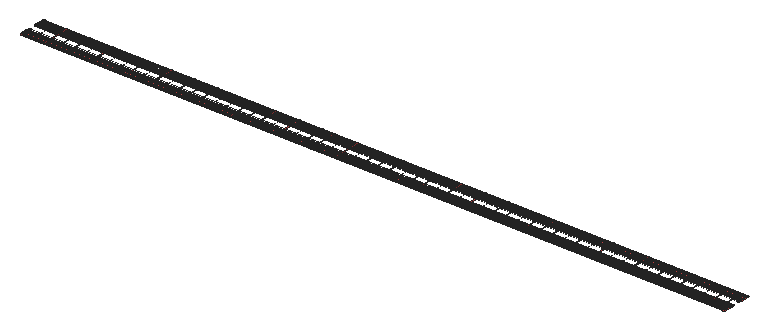
Revit family "Murfor Compact I-80 Masonry Reinforcement", category Specialty Equipment, Revit 2018
Family settings
  Round Connector Dimension = Use Diameter
  Part Type = Normal
  Work Plane-Based = No
  Always vertical = Yes
  Cut with Voids When Loaded = No
  Shared = No
  Room Calculation Point = No
Parameters (values of type "Murfor Compact I-80")
  Z = 81.50 mm
  Youngs Modulus - Gpa = 180
  Yield Strength - Mpa = 1770
  Y [instance] = X / 2  # 30
  X [instance] = Length L / Step c - 1  # 60
  Width - w = 80.00 mm
  Weight kg/ roll = "1.40kg per roll"
  URL = "https://www.bekaert.com/en/"
  Type Image = Murfor Compact I-80.PNG
  Type Comments = "A mesh consisting of 14 steel chords"
  Thickness - e = 1.80 mm
  Strain Agt = 2.2
  Step c = 33.00 mm
  Steel Section Total = 9.66 mm
  Pitch (short) - a = 5.00 mm
  Pitch (long) - b = 20.00 mm
  Material Coating Reference EN845-3 = "R20"
  Material = Murfor Galvanized Steel
  Manufacturer = "Bekaert"
  Longtidinal Cord = 0.69 mm
  Length L [instance] = 2000.00 mm
  Keynote = "Suitable for all mortar joints with thickness between 3mm & 12mm"
  Description = "Compact masonry reinforcement, steel chords on interwoven fibreglass roving"
  Datasheet = "https://www.bekaert.com/en/product-catalog/content/datasheets/Murfor-Compact"
  Application = "Murfor Compact I-80, made of Galvanized Steel, is suitable for masonry (clay bricks, concrete blocks) exposed to a dry environment (exposure class MX1, compliant with Eurocode 6?EN845-3)"
Reference planes
  plane 1 "Center (Front/Back)": y = 0
  plane 2: z = 0
  plane 3 "Center (Left/Right)": x = 0
  plane 4 "Center L/S": x = 2000
  plane 5 "Center L/T": y = 80
  plane 6 "Center L/U": y = 5
  plane 7 "Center L/V": y = 10
  plane 8 "Center L/X": y = 70
  plane 9 "Center L/Y": y = 75
  plane 10 "Center L/Z": y = -1.8
  plane 11 "Center L/AA": y = 81.8
  plane 12: z = 0.875
  plane 13 "Center L/BB": y = 15
  plane 14 "Center L/CC": y = 20
  plane 15 "Center L/DD": y = 25
  plane 16 "Center L/EE": y = 30
  plane 17 "Center L/FF": y = 60
  plane 18 "Center L/GG": y = 65
  plane 19 "Center L/HH": y = 50
  plane 20 "Center L/II": y = 55
Lines and regions (mm)
  symbolic lines, style "Masonry Reinforcement"
    curve 1: line (0, 81.8, 0) -> (2000, 81.8, 0)
    curve 2: line (0, -1.8, 0) -> (0, 81.8, 0)
    curve 3: line (2000, -1.8, 0) -> (0, -1.8, 0)
    curve 4: line (2000, 81.8, 0) -> (2000, -1.8, 0)
    curve 5: line (0, 70, 0) -> (2000, 70, 0)
    curve 6: line (0, 10, 0) -> (2000, 10, 0)
    curve 69: line (0, 20, 0) -> (2000, 20, 0)
    curve 70: line (0, 30, 0) -> (2000, 30, 0)
    curve 71: line (0, 60, 0) -> (2000, 60, 0)
    curve 72: line (0, 50, 0) -> (2000, 50, 0)
  symbolic lines
    curve 7: line (0, 0, 0) -> (33, 80.985, 0)
    curve 8: line (33, 80.985, 0) -> (66, -0.515, 0)
    curve 11: line (66, 0, 0) -> (99, 80.985, 0)
    curve 12: line (99, 80.985, 0) -> (132, -0.515, 0)
    curve 13: line (132, 0, 0) -> (165, 80.985, 0)
    curve 14: line (165, 80.985, 0) -> (198, -0.515, 0)
    curve 15: line (198, 0, 0) -> (231, 80.985, 0)
    curve 16: line (231, 80.985, 0) -> (264, -0.515, 0)
    curve 17: line (264, 0, 0) -> (297, 80.985, 0)
    curve 18: line (297, 80.985, 0) -> (330, -0.515, 0)
    curve 19: line (330, 0, 0) -> (363, 80.985, 0)
    curve 20: line (363, 80.985, 0) -> (396, -0.515, 0)
    curve 21: line (396, 0, 0) -> (429, 80.985, 0)
    curve 22: line (429, 80.985, 0) -> (462, -0.515, 0)
    curve 23: line (462, 0, 0) -> (495, 80.985, 0)
    curve 24: line (495, 80.985, 0) -> (528, -0.515, 0)
    curve 25: line (528, 0, 0) -> (561, 80.985, 0)
    curve 26: line (561, 80.985, 0) -> (594, -0.515, 0)
    curve 27: line (594, 0, 0) -> (627, 80.985, 0)
    curve 28: line (627, 80.985, 0) -> (660, -0.515, 0)
    curve 29: line (660, 0, 0) -> (693, 80.985, 0)
    curve 30: line (693, 80.985, 0) -> (726, -0.515, 0)
    curve 31: line (726, 0, 0) -> (759, 80.985, 0)
    curve 32: line (759, 80.985, 0) -> (792, -0.515, 0)
    curve 33: line (792, 0, 0) -> (825, 80.985, 0)
    curve 34: line (825, 80.985, 0) -> (858, -0.515, 0)
    curve 35: line (858, 0, 0) -> (891, 80.985, 0)
    curve 36: line (891, 80.985, 0) -> (924, -0.515, 0)
    curve 37: line (924, 0, 0) -> (957, 80.985, 0)
    curve 38: line (957, 80.985, 0) -> (990, -0.515, 0)
    curve 39: line (990, 0, 0) -> (1023, 80.985, 0)
    curve 40: line (1023, 80.985, 0) -> (1056, -0.515, 0)
    curve 41: line (1056, 0, 0) -> (1089, 80.985, 0)
    curve 42: line (1089, 80.985, 0) -> (1122, -0.515, 0)
    curve 43: line (1122, 0, 0) -> (1155, 80.985, 0)
    curve 44: line (1155, 80.985, 0) -> (1188, -0.515, 0)
    curve 45: line (1188, 0, 0) -> (1221, 80.985, 0)
    curve 46: line (1221, 80.985, 0) -> (1254, -0.515, 0)
    curve 47: line (1254, 0, 0) -> (1287, 80.985, 0)
    curve 48: line (1287, 80.985, 0) -> (1320, -0.515, 0)
    curve 49: line (1320, 0, 0) -> (1353, 80.985, 0)
    curve 50: line (1353, 80.985, 0) -> (1386, -0.515, 0)
    curve 51: line (1386, 0, 0) -> (1419, 80.985, 0)
    curve 52: line (1419, 80.985, 0) -> (1452, -0.515, 0)
    curve 53: line (1452, 0, 0) -> (1485, 80.985, 0)
    curve 54: line (1485, 80.985, 0) -> (1518, -0.515, 0)
    curve 55: line (1518, 0, 0) -> (1551, 80.985, 0)
    curve 56: line (1551, 80.985, 0) -> (1584, -0.515, 0)
    curve 57: line (1584, 0, 0) -> (1617, 80.985, 0)
    curve 58: line (1617, 80.985, 0) -> (1650, -0.515, 0)
    curve 59: line (1650, 0, 0) -> (1683, 80.985, 0)
    curve 60: line (1683, 80.985, 0) -> (1716, -0.515, 0)
    curve 61: line (1716, 0, 0) -> (1749, 80.985, 0)
    curve 62: line (1749, 80.985, 0) -> (1782, -0.515, 0)
    curve 63: line (1782, 0, 0) -> (1815, 80.985, 0)
    curve 64: line (1815, 80.985, 0) -> (1848, -0.515, 0)
    curve 65: line (1848, 0, 0) -> (1881, 80.985, 0)
    curve 66: line (1881, 80.985, 0) -> (1914, -0.515, 0)
    curve 67: line (1914, 0, 0) -> (1947, 80.985, 0)
    curve 68: line (1947, 80.985, 0) -> (1980, -0.515, 0)
  symbolic lines, not visible
    curve 9: line (0, 0, 0) -> (33, 80.985, 0)
    curve 10: line (33, 80.985, 0) -> (66, -0.515, 0)
Dimensions and locks
  "Length L": plane 3 "Center (Left/Right)" to plane 4 "Center L/S"
  "Width - w": plane 1 "Center (Front/Back)" to plane 5 "Center L/T"
  "Thickness - e": plane 5 "Center L/T" to plane 11 "Center L/AA"
  "Thickness - e": plane 10 "Center L/Z" to plane 1 "Center (Front/Back)"
  "Step c": plane 3 "Center (Left/Right)" to nested 7
  nested 7 to level = 0.00 mm
  equal spacing: group 1, group 3, group 4, group 5, group 6, group 7, group 8, group 9, group 10, group 11, group 12, group 13, group 14, group 15, group 16, group 17, group 18, group 19, group 20, group 21, group 22, group 23, group 24, group 25, group 26, group 27, group 28, group 29, group 30, group 31  (x3)
  equal spacing: group 32, group 33, group 34, group 35, group 36, group 37, group 38, group 39, group 40, group 41, group 42, group 43, group 44, group 45, group 46, group 47, group 48, group 49, group 50, group 51, group 52, group 53, group 54, group 55, group 56, group 57, group 58, group 59, group 60, group 61, group 62, group 63, group 64, group 65, group 66, group 67, group 68, group 69, group 70, group 71, group 72, group 73, group 74, group 75, group 76, group 77, group 78, group 79, group 80, group 81, group 82, group 83, group 84, group 85, group 86, group 87, group 88, group 89, group 90, group 91  (x3)
  "Pitch (short) - a": plane 1 "Center (Front/Back)" to plane 6 "Center L/U"
  "Pitch (short) - a": plane 6 "Center L/U" to plane 7 "Center L/V"
  "Pitch (short) - a": plane 7 "Center L/V" to plane 13 "Center L/BB"
  "Pitch (short) - a": plane 13 "Center L/BB" to plane 14 "Center L/CC"
  "Pitch (short) - a": plane 14 "Center L/CC" to plane 15 "Center L/DD"
  "Pitch (short) - a": plane 15 "Center L/DD" to plane 16 "Center L/EE"
  "Pitch (short) - a": plane 9 "Center L/Y" to plane 5 "Center L/T"
  "Pitch (short) - a": plane 8 "Center L/X" to plane 9 "Center L/Y"
  "Pitch (short) - a": plane 18 "Center L/GG" to plane 8 "Center L/X"
  "Pitch (short) - a": plane 17 "Center L/FF" to plane 18 "Center L/GG"
  "Pitch (short) - a": plane 19 "Center L/HH" to plane 20 "Center L/II"
  plane 16 "Center L/EE" to plane 19 "Center L/HH" = 20.00 mm
  "Pitch (short) - a": plane 20 "Center L/II" to plane 17 "Center L/FF"
  aligned and locked: level to plane 2
  aligned and locked: plane 1 "Center (Front/Back)" to nested 1
  aligned and locked: plane 3 "Center (Left/Right)" to nested 1
  aligned and locked: plane 5 "Center L/T" to nested 5
  aligned and locked: plane 3 "Center (Left/Right)" to nested 5
  aligned and locked: plane 3 "Center (Left/Right)" to nested 4
  aligned and locked: plane 3 "Center (Left/Right)" to nested 6
  aligned and locked: plane 3 "Center (Left/Right)" to nested 3
  aligned and locked: plane 3 "Center (Left/Right)" to nested 2
  aligned and locked: nested 1 to plane 3 "Center (Left/Right)"
  aligned and locked: plane 6 "Center L/U" to nested 2
  aligned and locked: plane 7 "Center L/V" to nested 3
  aligned and locked: plane 8 "Center L/X" to nested 6
  aligned and locked: plane 9 "Center L/Y" to nested 4
  aligned and locked: plane 4 "Center L/S" to nested 5
  aligned and locked: plane 4 "Center L/S" to nested 4
  aligned and locked: plane 4 "Center L/S" to nested 6
  aligned and locked: plane 4 "Center L/S" to nested 3
  aligned and locked: plane 4 "Center L/S" to nested 1
  aligned and locked: plane 4 "Center L/S" to nested 2
  aligned and locked: plane 11 "Center L/AA" to curve 1
  aligned and locked: plane 3 "Center (Left/Right)" to curve 2
  aligned and locked: curve 3 to plane 10 "Center L/Z"
  aligned and locked: curve 2 to curve 6
  aligned and locked: plane 4 "Center L/S" to curve 6
  aligned and locked: plane 13 "Center L/BB" to nested 67
  aligned and locked: plane 14 "Center L/CC" to nested 68
  aligned and locked: plane 15 "Center L/DD" to nested 69
  aligned and locked: plane 16 "Center L/EE" to nested 70
  aligned and locked: plane 17 "Center L/FF" to nested 72
  aligned and locked: plane 18 "Center L/GG" to nested 71
  aligned and locked: plane 19 "Center L/HH" to nested 74
  aligned and locked: plane 20 "Center L/II" to nested 73
Automatic sketch dimensions
  plane 7 "Center L/V" to curve 6 = 0.00 mm
  plane 14 "Center L/CC" to curve 69 = 0.00 mm
  plane 16 "Center L/EE" to curve 70 = 0.00 mm
  plane 19 "Center L/HH" to curve 72 = 0.00 mm
  plane 17 "Center L/FF" to curve 71 = 0.00 mm
  plane 8 "Center L/X" to curve 5 = 0.00 mm
  curve 7 to curve 8 = 33.00 mm
  curve 7 to curve 8 = 66.00 mm
  curve 8 to curve 7 = 0.515 mm
  curve 7 to curve 8 = 80.985 mm
  curve 9 to curve 10 = 33.00 mm
  curve 9 to curve 10 = 66.00 mm
  curve 10 to curve 9 = 0.515 mm
  curve 9 to curve 10 = 80.985 mm
  curve 11 to curve 12 = 33.00 mm
  curve 11 to curve 12 = 66.00 mm
  curve 12 to curve 11 = 0.515 mm
  curve 11 to curve 12 = 80.985 mm
  curve 13 to curve 14 = 33.00 mm
  curve 13 to curve 14 = 66.00 mm
  curve 14 to curve 13 = 0.515 mm
  curve 13 to curve 14 = 80.985 mm
  curve 15 to curve 16 = 33.00 mm
  curve 15 to curve 16 = 66.00 mm
  curve 16 to curve 15 = 0.515 mm
  curve 15 to curve 16 = 80.985 mm
  curve 17 to curve 18 = 33.00 mm
  curve 17 to curve 18 = 66.00 mm
  curve 18 to curve 17 = 0.515 mm
  curve 17 to curve 18 = 80.985 mm
  curve 19 to curve 20 = 33.00 mm
  curve 19 to curve 20 = 66.00 mm
  curve 20 to curve 19 = 0.515 mm
  curve 19 to curve 20 = 80.985 mm
  curve 21 to curve 22 = 33.00 mm
  curve 21 to curve 22 = 66.00 mm
  curve 22 to curve 21 = 0.515 mm
  curve 21 to curve 22 = 80.985 mm
  curve 23 to curve 24 = 33.00 mm
  curve 23 to curve 24 = 66.00 mm
  curve 24 to curve 23 = 0.515 mm
  curve 23 to curve 24 = 80.985 mm
  curve 25 to curve 26 = 33.00 mm
  curve 25 to curve 26 = 66.00 mm
  curve 26 to curve 25 = 0.515 mm
  curve 25 to curve 26 = 80.985 mm
  curve 27 to curve 28 = 33.00 mm
  curve 27 to curve 28 = 66.00 mm
  curve 28 to curve 27 = 0.515 mm
  curve 27 to curve 28 = 80.985 mm
  curve 29 to curve 30 = 33.00 mm
  curve 29 to curve 30 = 66.00 mm
  curve 30 to curve 29 = 0.515 mm
  curve 29 to curve 30 = 80.985 mm
  curve 31 to curve 32 = 33.00 mm
  curve 31 to curve 32 = 66.00 mm
  curve 32 to curve 31 = 0.515 mm
  curve 31 to curve 32 = 80.985 mm
  curve 33 to curve 34 = 33.00 mm
  curve 33 to curve 34 = 66.00 mm
  curve 34 to curve 33 = 0.515 mm
  curve 33 to curve 34 = 80.985 mm
  curve 35 to curve 36 = 33.00 mm
  curve 35 to curve 36 = 66.00 mm
  curve 36 to curve 35 = 0.515 mm
  curve 35 to curve 36 = 80.985 mm
  curve 37 to curve 38 = 33.00 mm
  curve 37 to curve 38 = 66.00 mm
  curve 38 to curve 37 = 0.515 mm
  curve 37 to curve 38 = 80.985 mm
  curve 39 to curve 40 = 33.00 mm
  curve 39 to curve 40 = 66.00 mm
  curve 40 to curve 39 = 0.515 mm
  curve 39 to curve 40 = 80.985 mm
  curve 41 to curve 42 = 33.00 mm
  curve 41 to curve 42 = 66.00 mm
  curve 42 to curve 41 = 0.515 mm
  curve 41 to curve 42 = 80.985 mm
  curve 43 to curve 44 = 33.00 mm
  curve 43 to curve 44 = 66.00 mm
  curve 44 to curve 43 = 0.515 mm
  curve 43 to curve 44 = 80.985 mm
  curve 45 to curve 46 = 33.00 mm
  curve 45 to curve 46 = 66.00 mm
  curve 46 to curve 45 = 0.515 mm
  curve 45 to curve 46 = 80.985 mm
  curve 47 to curve 48 = 33.00 mm
  curve 47 to curve 48 = 66.00 mm
  curve 48 to curve 47 = 0.515 mm
  curve 47 to curve 48 = 80.985 mm
  curve 49 to curve 50 = 33.00 mm
  curve 49 to curve 50 = 66.00 mm
  curve 50 to curve 49 = 0.515 mm
  curve 49 to curve 50 = 80.985 mm
  curve 51 to curve 52 = 33.00 mm
  curve 51 to curve 52 = 66.00 mm
  curve 52 to curve 51 = 0.515 mm
  curve 51 to curve 52 = 80.985 mm
  curve 53 to curve 54 = 33.00 mm
  curve 53 to curve 54 = 66.00 mm
  curve 54 to curve 53 = 0.515 mm
  curve 53 to curve 54 = 80.985 mm
  curve 55 to curve 56 = 33.00 mm
  curve 55 to curve 56 = 66.00 mm
  curve 56 to curve 55 = 0.515 mm
  curve 55 to curve 56 = 80.985 mm
  curve 57 to curve 58 = 33.00 mm
  curve 57 to curve 58 = 66.00 mm
  curve 58 to curve 57 = 0.515 mm
  curve 57 to curve 58 = 80.985 mm
  curve 59 to curve 60 = 33.00 mm
  curve 59 to curve 60 = 66.00 mm
  curve 60 to curve 59 = 0.515 mm
  curve 59 to curve 60 = 80.985 mm
  curve 61 to curve 62 = 33.00 mm
  curve 61 to curve 62 = 66.00 mm
  curve 62 to curve 61 = 0.515 mm
  curve 61 to curve 62 = 80.985 mm
  curve 63 to curve 64 = 33.00 mm
  curve 63 to curve 64 = 66.00 mm
  curve 64 to curve 63 = 0.515 mm
  curve 63 to curve 64 = 80.985 mm
  curve 65 to curve 66 = 33.00 mm
  curve 65 to curve 66 = 66.00 mm
  curve 66 to curve 65 = 0.515 mm
  curve 65 to curve 66 = 80.985 mm
  curve 67 to curve 68 = 33.00 mm
  curve 67 to curve 68 = 66.00 mm
  curve 68 to curve 67 = 0.515 mm
  curve 67 to curve 68 = 80.985 mm
Nested families
  nested 1: "Murfor Cord Section" at (0, 0, 0), Material <- "Material", type "Murfor Cord Section"
    with Material Murfor Galvanized Steel, Length 2000.00 mm
  nested 2: "Murfor Cord Section" at (0, 5, 0), Material <- "Material", type "Murfor Cord Section"
    with Material Murfor Galvanized Steel, Length 2000.00 mm
  nested 3: "Murfor Cord Section" at (0, 10, 0), Material <- "Material", type "Murfor Cord Section"
    with Material Murfor Galvanized Steel, Length 2000.00 mm
  nested 4: "Murfor Cord Section" at (0, 75, 0), Material <- "Material", type "Murfor Cord Section"
    with Material Murfor Galvanized Steel, Length 2000.00 mm
  nested 5: "Murfor Cord Section" at (0, 80, 0), Material <- "Material", type "Murfor Cord Section"
    with Material Murfor Galvanized Steel, Length 2000.00 mm
  nested 6: "Murfor Cord Section" at (0, 70, 0), Material <- "Material", type "Murfor Cord Section"
    with Material Murfor Galvanized Steel, Length 2000.00 mm
  nested 7: "Murfor Cord Section" at (33, -0.515, 0) x (0, 1, 0) z (0, 0, 1), Length <- "Z", type "Murfor Cord Cross Section"
    with Material Murfor Galvanized Steel, Length 81.50 mm
  nested 8: "Murfor Cord Section" at (66, -0.515, 0) x (0, 1, 0) z (0, 0, 1), Length <- "Z", type "Murfor Cord Cross Section"
    with Material Murfor Galvanized Steel, Length 81.50 mm
  nested 9: "Murfor Cord Section" at (99, -0.515, 0) x (0, 1, 0) z (0, 0, 1), Length <- "Z", type "Murfor Cord Cross Section"
    with Material Murfor Galvanized Steel, Length 81.50 mm
  nested 10: "Murfor Cord Section" at (132, -0.515, 0) x (0, 1, 0) z (0, 0, 1), Length <- "Z", type "Murfor Cord Cross Section"
    with Material Murfor Galvanized Steel, Length 81.50 mm
  nested 11: "Murfor Cord Section" at (165, -0.515, 0) x (0, 1, 0) z (0, 0, 1), Length <- "Z", type "Murfor Cord Cross Section"
    with Material Murfor Galvanized Steel, Length 81.50 mm
  nested 12: "Murfor Cord Section" at (198, -0.515, 0) x (0, 1, 0) z (0, 0, 1), Length <- "Z", type "Murfor Cord Cross Section"
    with Material Murfor Galvanized Steel, Length 81.50 mm
  nested 13: "Murfor Cord Section" at (231, -0.515, 0) x (0, 1, 0) z (0, 0, 1), Length <- "Z", type "Murfor Cord Cross Section"
    with Material Murfor Galvanized Steel, Length 81.50 mm
  nested 14: "Murfor Cord Section" at (264, -0.515, 0) x (0, 1, 0) z (0, 0, 1), Length <- "Z", type "Murfor Cord Cross Section"
    with Material Murfor Galvanized Steel, Length 81.50 mm
  nested 15: "Murfor Cord Section" at (297, -0.515, 0) x (0, 1, 0) z (0, 0, 1), Length <- "Z", type "Murfor Cord Cross Section"
    with Material Murfor Galvanized Steel, Length 81.50 mm
  nested 16: "Murfor Cord Section" at (330, -0.515, 0) x (0, 1, 0) z (0, 0, 1), Length <- "Z", type "Murfor Cord Cross Section"
    with Material Murfor Galvanized Steel, Length 81.50 mm
  nested 17: "Murfor Cord Section" at (363, -0.515, 0) x (0, 1, 0) z (0, 0, 1), Length <- "Z", type "Murfor Cord Cross Section"
    with Material Murfor Galvanized Steel, Length 81.50 mm
  nested 18: "Murfor Cord Section" at (396, -0.515, 0) x (0, 1, 0) z (0, 0, 1), Length <- "Z", type "Murfor Cord Cross Section"
    with Material Murfor Galvanized Steel, Length 81.50 mm
  nested 19: "Murfor Cord Section" at (429, -0.515, 0) x (0, 1, 0) z (0, 0, 1), Length <- "Z", type "Murfor Cord Cross Section"
    with Material Murfor Galvanized Steel, Length 81.50 mm
  nested 20: "Murfor Cord Section" at (462, -0.515, 0) x (0, 1, 0) z (0, 0, 1), Length <- "Z", type "Murfor Cord Cross Section"
    with Material Murfor Galvanized Steel, Length 81.50 mm
  nested 21: "Murfor Cord Section" at (495, -0.515, 0) x (0, 1, 0) z (0, 0, 1), Length <- "Z", type "Murfor Cord Cross Section"
    with Material Murfor Galvanized Steel, Length 81.50 mm
  nested 22: "Murfor Cord Section" at (528, -0.515, 0) x (0, 1, 0) z (0, 0, 1), Length <- "Z", type "Murfor Cord Cross Section"
    with Material Murfor Galvanized Steel, Length 81.50 mm
  nested 23: "Murfor Cord Section" at (561, -0.515, 0) x (0, 1, 0) z (0, 0, 1), Length <- "Z", type "Murfor Cord Cross Section"
    with Material Murfor Galvanized Steel, Length 81.50 mm
  nested 24: "Murfor Cord Section" at (594, -0.515, 0) x (0, 1, 0) z (0, 0, 1), Length <- "Z", type "Murfor Cord Cross Section"
    with Material Murfor Galvanized Steel, Length 81.50 mm
  nested 25: "Murfor Cord Section" at (627, -0.515, 0) x (0, 1, 0) z (0, 0, 1), Length <- "Z", type "Murfor Cord Cross Section"
    with Material Murfor Galvanized Steel, Length 81.50 mm
  nested 26: "Murfor Cord Section" at (660, -0.515, 0) x (0, 1, 0) z (0, 0, 1), Length <- "Z", type "Murfor Cord Cross Section"
    with Material Murfor Galvanized Steel, Length 81.50 mm
  nested 27: "Murfor Cord Section" at (693, -0.515, 0) x (0, 1, 0) z (0, 0, 1), Length <- "Z", type "Murfor Cord Cross Section"
    with Material Murfor Galvanized Steel, Length 81.50 mm
  nested 28: "Murfor Cord Section" at (726, -0.515, 0) x (0, 1, 0) z (0, 0, 1), Length <- "Z", type "Murfor Cord Cross Section"
    with Material Murfor Galvanized Steel, Length 81.50 mm
  nested 29: "Murfor Cord Section" at (759, -0.515, 0) x (0, 1, 0) z (0, 0, 1), Length <- "Z", type "Murfor Cord Cross Section"
    with Material Murfor Galvanized Steel, Length 81.50 mm
  nested 30: "Murfor Cord Section" at (792, -0.515, 0) x (0, 1, 0) z (0, 0, 1), Length <- "Z", type "Murfor Cord Cross Section"
    with Material Murfor Galvanized Steel, Length 81.50 mm
  nested 31: "Murfor Cord Section" at (825, -0.515, 0) x (0, 1, 0) z (0, 0, 1), Length <- "Z", type "Murfor Cord Cross Section"
    with Material Murfor Galvanized Steel, Length 81.50 mm
  nested 32: "Murfor Cord Section" at (858, -0.515, 0) x (0, 1, 0) z (0, 0, 1), Length <- "Z", type "Murfor Cord Cross Section"
    with Material Murfor Galvanized Steel, Length 81.50 mm
  nested 33: "Murfor Cord Section" at (891, -0.515, 0) x (0, 1, 0) z (0, 0, 1), Length <- "Z", type "Murfor Cord Cross Section"
    with Material Murfor Galvanized Steel, Length 81.50 mm
  nested 34: "Murfor Cord Section" at (924, -0.515, 0) x (0, 1, 0) z (0, 0, 1), Length <- "Z", type "Murfor Cord Cross Section"
    with Material Murfor Galvanized Steel, Length 81.50 mm
  nested 35: "Murfor Cord Section" at (957, -0.515, 0) x (0, 1, 0) z (0, 0, 1), Length <- "Z", type "Murfor Cord Cross Section"
    with Material Murfor Galvanized Steel, Length 81.50 mm
  nested 36: "Murfor Cord Section" at (990, -0.515, 0) x (0, 1, 0) z (0, 0, 1), Length <- "Z", type "Murfor Cord Cross Section"
    with Material Murfor Galvanized Steel, Length 81.50 mm
  nested 37: "Murfor Cord Section" at (1023, -0.515, 0) x (0, 1, 0) z (0, 0, 1), Length <- "Z", type "Murfor Cord Cross Section"
    with Material Murfor Galvanized Steel, Length 81.50 mm
  nested 38: "Murfor Cord Section" at (1056, -0.515, 0) x (0, 1, 0) z (0, 0, 1), Length <- "Z", type "Murfor Cord Cross Section"
    with Material Murfor Galvanized Steel, Length 81.50 mm
  nested 39: "Murfor Cord Section" at (1089, -0.515, 0) x (0, 1, 0) z (0, 0, 1), Length <- "Z", type "Murfor Cord Cross Section"
    with Material Murfor Galvanized Steel, Length 81.50 mm
  nested 40: "Murfor Cord Section" at (1122, -0.515, 0) x (0, 1, 0) z (0, 0, 1), Length <- "Z", type "Murfor Cord Cross Section"
    with Material Murfor Galvanized Steel, Length 81.50 mm
  nested 41: "Murfor Cord Section" at (1155, -0.515, 0) x (0, 1, 0) z (0, 0, 1), Length <- "Z", type "Murfor Cord Cross Section"
    with Material Murfor Galvanized Steel, Length 81.50 mm
  nested 42: "Murfor Cord Section" at (1188, -0.515, 0) x (0, 1, 0) z (0, 0, 1), Length <- "Z", type "Murfor Cord Cross Section"
    with Material Murfor Galvanized Steel, Length 81.50 mm
  nested 43: "Murfor Cord Section" at (1221, -0.515, 0) x (0, 1, 0) z (0, 0, 1), Length <- "Z", type "Murfor Cord Cross Section"
    with Material Murfor Galvanized Steel, Length 81.50 mm
  nested 44: "Murfor Cord Section" at (1254, -0.515, 0) x (0, 1, 0) z (0, 0, 1), Length <- "Z", type "Murfor Cord Cross Section"
    with Material Murfor Galvanized Steel, Length 81.50 mm
  nested 45: "Murfor Cord Section" at (1287, -0.515, 0) x (0, 1, 0) z (0, 0, 1), Length <- "Z", type "Murfor Cord Cross Section"
    with Material Murfor Galvanized Steel, Length 81.50 mm
  nested 46: "Murfor Cord Section" at (1320, -0.515, 0) x (0, 1, 0) z (0, 0, 1), Length <- "Z", type "Murfor Cord Cross Section"
    with Material Murfor Galvanized Steel, Length 81.50 mm
  nested 47: "Murfor Cord Section" at (1353, -0.515, 0) x (0, 1, 0) z (0, 0, 1), Length <- "Z", type "Murfor Cord Cross Section"
    with Material Murfor Galvanized Steel, Length 81.50 mm
  nested 48: "Murfor Cord Section" at (1386, -0.515, 0) x (0, 1, 0) z (0, 0, 1), Length <- "Z", type "Murfor Cord Cross Section"
    with Material Murfor Galvanized Steel, Length 81.50 mm
  nested 49: "Murfor Cord Section" at (1419, -0.515, 0) x (0, 1, 0) z (0, 0, 1), Length <- "Z", type "Murfor Cord Cross Section"
    with Material Murfor Galvanized Steel, Length 81.50 mm
  nested 50: "Murfor Cord Section" at (1452, -0.515, 0) x (0, 1, 0) z (0, 0, 1), Length <- "Z", type "Murfor Cord Cross Section"
    with Material Murfor Galvanized Steel, Length 81.50 mm
  nested 51: "Murfor Cord Section" at (1485, -0.515, 0) x (0, 1, 0) z (0, 0, 1), Length <- "Z", type "Murfor Cord Cross Section"
    with Material Murfor Galvanized Steel, Length 81.50 mm
  nested 52: "Murfor Cord Section" at (1518, -0.515, 0) x (0, 1, 0) z (0, 0, 1), Length <- "Z", type "Murfor Cord Cross Section"
    with Material Murfor Galvanized Steel, Length 81.50 mm
  nested 53: "Murfor Cord Section" at (1551, -0.515, 0) x (0, 1, 0) z (0, 0, 1), Length <- "Z", type "Murfor Cord Cross Section"
    with Material Murfor Galvanized Steel, Length 81.50 mm
  nested 54: "Murfor Cord Section" at (1584, -0.515, 0) x (0, 1, 0) z (0, 0, 1), Length <- "Z", type "Murfor Cord Cross Section"
    with Material Murfor Galvanized Steel, Length 81.50 mm
  nested 55: "Murfor Cord Section" at (1617, -0.515, 0) x (0, 1, 0) z (0, 0, 1), Length <- "Z", type "Murfor Cord Cross Section"
    with Material Murfor Galvanized Steel, Length 81.50 mm
  nested 56: "Murfor Cord Section" at (1650, -0.515, 0) x (0, 1, 0) z (0, 0, 1), Length <- "Z", type "Murfor Cord Cross Section"
    with Material Murfor Galvanized Steel, Length 81.50 mm
  nested 57: "Murfor Cord Section" at (1683, -0.515, 0) x (0, 1, 0) z (0, 0, 1), Length <- "Z", type "Murfor Cord Cross Section"
    with Material Murfor Galvanized Steel, Length 81.50 mm
  nested 58: "Murfor Cord Section" at (1716, -0.515, 0) x (0, 1, 0) z (0, 0, 1), Length <- "Z", type "Murfor Cord Cross Section"
    with Material Murfor Galvanized Steel, Length 81.50 mm
  nested 59: "Murfor Cord Section" at (1749, -0.515, 0) x (0, 1, 0) z (0, 0, 1), Length <- "Z", type "Murfor Cord Cross Section"
    with Material Murfor Galvanized Steel, Length 81.50 mm
  nested 60: "Murfor Cord Section" at (1782, -0.515, 0) x (0, 1, 0) z (0, 0, 1), Length <- "Z", type "Murfor Cord Cross Section"
    with Material Murfor Galvanized Steel, Length 81.50 mm
  nested 61: "Murfor Cord Section" at (1815, -0.515, 0) x (0, 1, 0) z (0, 0, 1), Length <- "Z", type "Murfor Cord Cross Section"
    with Material Murfor Galvanized Steel, Length 81.50 mm
  nested 62: "Murfor Cord Section" at (1848, -0.515, 0) x (0, 1, 0) z (0, 0, 1), Length <- "Z", type "Murfor Cord Cross Section"
    with Material Murfor Galvanized Steel, Length 81.50 mm
  nested 63: "Murfor Cord Section" at (1881, -0.515, 0) x (0, 1, 0) z (0, 0, 1), Length <- "Z", type "Murfor Cord Cross Section"
    with Material Murfor Galvanized Steel, Length 81.50 mm
  nested 64: "Murfor Cord Section" at (1914, -0.515, 0) x (0, 1, 0) z (0, 0, 1), Length <- "Z", type "Murfor Cord Cross Section"
    with Material Murfor Galvanized Steel, Length 81.50 mm
  nested 65: "Murfor Cord Section" at (1947, -0.515, 0) x (0, 1, 0) z (0, 0, 1), Length <- "Z", type "Murfor Cord Cross Section"
    with Material Murfor Galvanized Steel, Length 81.50 mm
  nested 66: "Murfor Cord Section" at (1980, -0.515, 0) x (0, 1, 0) z (0, 0, 1), Length <- "Z", type "Murfor Cord Cross Section"
    with Material Murfor Galvanized Steel, Length 81.50 mm
  nested 67: "Murfor Cord Section" at (0, 15, 0), Material <- "Material", type "Murfor Cord Section"
    with Material Murfor Galvanized Steel, Length 2000.00 mm
  nested 68: "Murfor Cord Section" at (0, 20, 0), Material <- "Material", type "Murfor Cord Section"
    with Material Murfor Galvanized Steel, Length 2000.00 mm
  nested 69: "Murfor Cord Section" at (0, 25, 0), Material <- "Material", type "Murfor Cord Section"
    with Material Murfor Galvanized Steel, Length 2000.00 mm
  nested 70: "Murfor Cord Section" at (0, 30, 0), Material <- "Material", type "Murfor Cord Section"
    with Material Murfor Galvanized Steel, Length 2000.00 mm
  nested 71: "Murfor Cord Section" at (0, 65, 0), Material <- "Material", type "Murfor Cord Section"
    with Material Murfor Galvanized Steel, Length 2000.00 mm
  nested 72: "Murfor Cord Section" at (0, 60, 0), Material <- "Material", type "Murfor Cord Section"
    with Material Murfor Galvanized Steel, Length 2000.00 mm
  nested 73: "Murfor Cord Section" at (0, 55, 0), Material <- "Material", type "Murfor Cord Section"
    with Material Murfor Galvanized Steel, Length 2000.00 mm
  nested 74: "Murfor Cord Section" at (0, 50, 0), Material <- "Material", type "Murfor Cord Section"
    with Material Murfor Galvanized Steel, Length 2000.00 mm
Definition of nested family "Murfor Cord Section"
  Parameters (values of type "Murfor Cord Section")
    Thickness - e = 1.75 mm
    Material [instance] = none
    Length [instance] = 1000.00 mm
  Types (2, lengths in mm): name | Thickness - e
    Murfor Cord Section | 1.75
    Murfor Cord Cross Section | 0.90
  Reference planes
    plane 1 "Center (Front/Back)": y = 0
    plane 2: z = 0
    plane 3 "Center (Left/Right)": x = 0
    plane 4: x = 1000
  Forms (mm)
    Extrusion 1, solid, material <- "Material"
      sketch origin (0, 0, 0) x (0, 1, 0) y (0, 0, 1)
        loop
          circle (0, 0) r 0.875
      from 0 to 1000
  Dimensions and locks
    "Length": plane 3 "Center (Left/Right)" to plane 4
    "Thickness - e": diameter of Extrusion 1 sketch curve
    aligned and locked: level to plane 2
    aligned and locked: Extrusion 1 to plane 3 "Center (Left/Right)"
    aligned and locked: plane 4 to Extrusion 1
  Automatic sketch dimensions
    Extrusion 1 sketch curve to level = 0.00 mm
    Extrusion 1 sketch curve to plane 1 "Center (Front/Back)" = 0.00 mm
